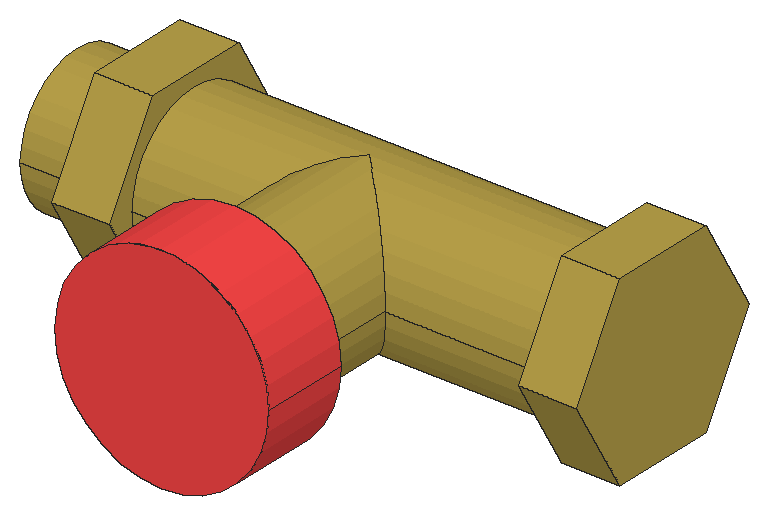
Revit family "Проходной запорно-регулирующий вентиль", category Арматура трубопроводов, Revit 2020
Family settings
  Размер круглого соединителя = Использовать диаметр
  Тип детали = Клапан - Вставляется
  Номер OmniClass = 23.65.55.14.21
  Заголовок OmniClass = Non-Return Valves for Liquid Services
  На основе рабочей плоскости = Нет
  Всегда вертикально = Нет
  При загрузке вырезать с полостями = Нет
  Общий = Да
Parameters (values of type "Dn20")
  Отметка по умолчанию = 0 mm
  Материал клапана = Латунь
  K Coefficient = 0
  Толщина крышки = 0.15 * Длина корпуса  # 12.3 mm
  Дуго [instance] = 47.343 mm
  Высота крышки = 36 mm
  Диаметр крышки = 39 mm
  Длина корпуса = 82 mm
  Диаметр корпуса = 0.6 * Диаметр адаптера  # 14.4 mm
  Длина адаптера = 0.1 * Длина корпуса  # 8.2 mm
  Диаметр адаптера = 1.2 * WSR_D1  # 24 mm
  WSR_D1 = 20 mm
  URL = "https://www.weser.ru/about/documentation/"
  Kvs [instance] = 0.0 m³/h
  ADSK_Позиция = ""
  ADSK_Наименование краткое = "Термостатический вентиль"  # constant formula
  ADSK_Наименование = "Проходной запорно-регулирующий вентиль Dn20"
  ADSK_Масса_Текст = ""
  ADSK_Код изделия = "820280"
  ADSK_Завод-изготовитель = "Weser"  # constant formula
  ADSK_Единица измерения = "шт."  # constant formula
  ADSK_Группирование [instance] = ""
Types (2, lengths in mm): name | Диаметр корпуса | Диаметр адаптера | WSR_D1 | ADSK_Наименование | ADSK_Код изделия
  Dn15 | 10.8 | 18 | 15 | "Проходной запорно-регулирующий вентиль Dn15" | "820270"
  Dn20 | 14.4 | 24 | 20 | "Проходной запорно-регулирующий вентиль Dn20" | "820280"
Reference planes
  plane 1 "По центру (Вперед/Назад)": y = 0
  plane 2: z = 0
  plane 3 "По центру (Влево/Вправо)": x = 0
  plane 4: x = -41
  plane 5: x = 41
  plane 6: x = -32.8
  plane 7: z = 23.7
  plane 8: z = 36
  plane 9: z = -10.8
  plane 10: z = -16.8
  plane 11: x = -3.6
  plane 12: x = -10.8
  plane 13: y = 23.671
  plane 14: y = -23.671
  plane 15: x = 32.8
Forms (mm)
  Extrusion 1, solid, material "Латунь" <- "Материал клапана", detail levels fine
    sketch origin (0, 0, 0) x (0, 1, 0) y (0, 0, 1)
      loop
        circle (0, 0) r 11
    from -32.8 to 41
  Extrusion 2, solid, material "Латунь" <- "Материал клапана", detail levels fine
    sketch origin (0, 0, 0) x (1, 0, 0) y (0, 0, 1)
      loop
        circle (0, 0) r 11
    from 0 to 23.671
  Extrusion 3, solid, material "Латунь" <- "Материал клапана", detail levels fine
    sketch origin (-41, 552.765, 1219.2) x (0, 1, 0) y (0, 0, 1)
      loop
        circle (-552.765, -1219.2) r 10
    from 0 to 8.2
  Extrusion 4, solid, material "Латунь" <- "Материал клапана", detail levels fine
    sketch origin (41, 553.047, 1219.2) x (0, 1, 0) y (0, 0, 1)
      loop
        line (-560.287, -1206.171) -> (-567.809, -1219.2) -> (-560.287, -1232.229) -> (-545.243, -1232.229) -> (-537.721, -1219.2) -> (-545.243, -1206.171) -> (-560.287, -1206.171)
    from 0 to -8.2
  Extrusion 5, solid, material "Латунь" <- "Материал клапана", detail levels fine
    sketch origin (-24.6, 553.047, 1219.2) x (0, 1, 0) y (0, 0, 1)
      loop
        line (-560.287, -1206.171) -> (-567.809, -1219.2) -> (-560.287, -1232.229) -> (-545.243, -1232.229) -> (-537.721, -1219.2) -> (-545.243, -1206.171) -> (-560.287, -1206.171)
    from 0 to -8.2
  Extrusion 6, solid, material "Пластик Красный", detail levels fine
    sketch origin (-152.652, -23.671, 1219.2) x (-1, 0, 0) y (0, 0, 1)
      loop
        circle (-152.652, -1219.2) r 15
    from -12.724 to 0
Cuts and joins
  joined: Extrusion 1, Extrusion 2, Extrusion 3, Extrusion 4, Extrusion 5
Dimensions and locks
  equal spacing: plane 4, plane 3 "По центру (Влево/Вправо)", plane 5
  "Длина корпуса": plane 4 to plane 5
  "Длина адаптера": plane 4 to plane 6
  "Толщина крышки": plane 8 to plane 7
  "Высота крышки": plane 8 to plane 2
  locked: plane 2 to plane 9 at 10.8
  locked: plane 9 to plane 10 at 6
  locked: plane 3 "По центру (Влево/Вправо)" to plane 11 at 3.6
  locked: plane 3 "По центру (Влево/Вправо)" to plane 12 at 10.8
  "Длина адаптера": plane 15 to plane 5
  "Дуго": plane 13 to plane 14
  "WSR_D1": diameter of Extrusion 3 sketch curve
  aligned and locked: plane 2 to Extrusion 1 sketch curve
  aligned and locked: plane 1 "По центру (Вперед/Назад)" to Extrusion 1 sketch curve
  aligned and locked: Extrusion 1 to plane 6
  aligned and locked: plane 3 "По центру (Влево/Вправо)" to Extrusion 2 sketch curve
  aligned and locked: cut or joined group of Extrusion 1, Extrusion 2, Extrusion 3, Extrusion 4, Extrusion 5 to plane 14
  aligned and locked: plane 6 to Extrusion 3
  aligned and locked: Extrusion 3 to plane 4
  aligned and locked: Extrusion 2 to plane 1 "По центру (Вперед/Назад)"
  aligned and locked: plane 5 to Extrusion 1
  aligned and locked: Extrusion 4 to plane 15
  aligned and locked: Extrusion 6 to cut or joined group of Extrusion 1, Extrusion 2, Extrusion 3, Extrusion 4, Extrusion 5
  aligned and locked: nested 1 to plane 5
  aligned and locked: plane 1 "По центру (Вперед/Назад)" to nested 1
Automatic sketch dimensions
  Extrusion 2 sketch curve to level = 0 mm
  Extrusion 3 sketch curve to level = 0 mm
  Extrusion 3 sketch curve to plane 1 "По центру (Вперед/Назад)" = 0 mm
  Extrusion 5 sketch curve to level = 0 mm  (x2)
  plane 14 to Extrusion 5 sketch curve = 8.91 mm
  plane 1 "По центру (Вперед/Назад)" to Extrusion 5 sketch curve = 7.24 mm  (x2)
  Extrusion 5 sketch curve to plane 9 = 2.229 mm
  Extrusion 5 sketch curve to plane 1 "По центру (Вперед/Назад)" = 7.804 mm  (x2)
  Extrusion 5 sketch curve to plane 13 = 8.345 mm
  Extrusion 5 sketch curve to plane 7 = 10.671 mm
  Extrusion 6 sketch curve to level = 0 mm
  Extrusion 6 sketch curve to plane 3 "По центру (Влево/Вправо)" = 0 mm
  radius of Extrusion 2 sketch curve = 11 mm
  radius of Extrusion 1 sketch curve = 11 mm
  radius of Extrusion 6 sketch curve = 15 mm
Nested families
  nested 1: "УГО Клапан регулирующий проходной" at (0, 0, 0), D <- "Дуго", L <- "Длина корпуса", type "УГО Клапан регулирующий проходной", detail levels coarse+medium
    with УГО в разрезе no, УГО в плане yes, L1 13.667 mm, L 82 mm, H 47.343 mm, D 47.343 mm, ADSK_Позиция "", ADSK_Обозначение "", ADSK_Наименование "", ADSK_Код изделия ""
Connectors
  piping at (-32.8, 0.282, 0), diameter 20, driven by "WSR_D1"
    settings: on cut or joined group of Extrusion 1, Extrusion 2, Extrusion 3, Extrusion 4, Extrusion 5, index 1, connector inside diameter 609.6 mm, connector length 0 mm, flow factor 0, pipe flow 0.0 m³/h, pressure drop 0.0 Pa, fitting loss kfactor 0, connector angle 0.00°, fixture units 0, engagement length 0 mm, angle of deflection 0.00°, flow configuration 0, flow direction 0, fitting loss method 0, system type 29, joint type 0, gender type 0, connector reference index 2, connector utility 0, adjustable connector no, is connector primary yes, connector description ""
  piping at (41, 0.282, 0), diameter 20, driven by "WSR_D1"
    settings: on cut or joined group of Extrusion 1, Extrusion 2, Extrusion 3, Extrusion 4, Extrusion 5, index 2, connector inside diameter 609.6 mm, connector length 0 mm, flow factor 0, pipe flow 0.0 m³/h, pressure drop 0.0 Pa, fitting loss kfactor 0, connector angle 0.00°, fixture units 0, engagement length 0 mm, angle of deflection 0.00°, flow configuration 0, flow direction 0, fitting loss method 0, system type 29, joint type 0, gender type 0, connector reference index 1, connector utility 0, adjustable connector no, is connector primary no, connector description ""
  piping at (0, -23.671, 0), diameter 30
    settings: on Extrusion 6, index 3, connector inside diameter 609.6 mm, connector length 0 mm, flow factor 0, pipe flow 0.0 m³/h, pressure drop 0.0 Pa, fitting loss kfactor 0, connector angle 0.00°, fixture units 0, engagement length 0 mm, angle of deflection 0.00°, flow configuration 0, flow direction 0, fitting loss method 0, system type 28, joint type 0, gender type 0, connector reference index -1, connector utility 0, adjustable connector no, is connector primary no, connector description ""
Definition of nested family "УГО Клапан регулирующий проходной"
  Parameters (values of type "УГО Клапан запорно-балансировочный ручной")
    УГО в разрезе [instance] = not(УГО в плане)  # no
    УГО в плане [instance] = yes
    Разработчик (телефон) = ""
    Разработчик (email) = ""
    Разработчик (URL) = ""
    Разработчик = ""
    Default Elevation = 0 mm
    Manufacturer = ""
    L1 [instance] = L / 6  # 16.667 mm
    L [instance] = 100 mm
    H [instance] = D  # 50 mm
    D [instance] = 50 mm
    ADSK_Позиция [instance] = ""
    ADSK_Обозначение [instance] = ""
    ADSK_Наименование [instance] = ""
    ADSK_Масса = 0
    ADSK_Количество = 1  # constant formula
    ADSK_Код изделия [instance] = ""
    ADSK_Завод-изготовитель = Manufacturer  # ""
    ADSK_Единица измерения = "шт"  # constant formula
    ADSK_URL документации изделия = ""
  Types (3, lengths in mm): name | L1 | L | H | D
    УГО Клапан регулирующий проходной | 33.333 | 200 | 100 | 100
    УГО Клапан запорный | 33.333 | 200 | 100 | 100
    УГО Клапан запорно-балансировочный ручной | 16.667 | 100 | 50 | 50
  Reference planes
    plane 1 "По центру (Вперед/Назад)": y = 0
    plane 2: z = 0
    plane 3 "По центру (Влево/Вправо)": x = 0
    plane 4: x = -50
    plane 5: x = -8.333
    plane 6: x = 50
    plane 7: x = 8.333
    plane 8: y = 50
    plane 9: y = 25
    plane 10: y = -25
    plane 11: z = 25
    plane 12: z = 50
    plane 13: z = -25
  Lines and regions (mm)
    model lines, visible <- "УГО в плане", detail levels coarse+medium
      curve 1: line (-50, 25, 0) -> (-50, -25, 0)
      curve 2: line (-50, -25, 0) -> (50, 25, 0)
      curve 3: line (50, 25, 0) -> (50, -25, 0)
      curve 4: line (50, -25, 0) -> (-50, 25, 0)
      curve 5: line (-8.333, 25, 0) -> (0, 0, 0)
      curve 6: line (0, 0, 0) -> (8.333, 25, 0)
      curve 7: line (8.333, 25, 0) -> (-8.333, 25, 0)
      curve 8: line (0, 50, 0) -> (0, 25, 0)
    model lines, visible <- "УГО в разрезе", detail levels coarse+medium
      curve 9: line (-50, 0, 25) -> (-50, 0, -25)
      curve 10: line (-50, 0, -25) -> (50, 0, 25)
      curve 11: line (50, 0, 25) -> (50, 0, -25)
      curve 12: line (50, 0, -25) -> (-50, 0, 25)
      curve 13: line (0, 0, 0) -> (-8.333, 0, 25)
      curve 14: line (-8.333, 0, 25) -> (8.333, 0, 25)
      curve 15: line (8.333, 0, 25) -> (0, 0, 0)
      curve 16: line (0, 0, 50) -> (0, 0, 25)
    symbolic lines, detail levels coarse+medium
      curve 17: line (-50, 0, 25) -> (-50, 0, -25)
      curve 18: line (-50, 0, -25) -> (50, 0, 25)
      curve 19: line (50, 0, 25) -> (50, 0, -25)
      curve 20: line (50, 0, -25) -> (-50, 0, 25)
      curve 21: line (0, 0, 0) -> (-8.333, 0, 25)
      curve 22: line (-8.333, 0, 25) -> (8.333, 0, 25)
      curve 23: line (8.333, 0, 25) -> (0, 0, 0)
      curve 24: line (0, 0, 25) -> (0, 0, 50)
      curve 25: line (-50, 25, 0) -> (-50, -25, 0)
      curve 26: line (-50, -25, 0) -> (50, 25, 0)
      curve 27: line (50, 25, 0) -> (50, -25, 0)
      curve 28: line (50, -25, 0) -> (-50, 25, 0)
      curve 29: line (0, 0, 0) -> (-8.333, 25, 0)
      curve 30: line (-8.333, 25, 0) -> (8.333, 25, 0)
      curve 31: line (8.333, 25, 0) -> (0, 0, 0)
      curve 32: line (0, 25, 0) -> (0, 50, 0)
  Dimensions and locks
    equal spacing: plane 4, plane 3 "По центру (Влево/Вправо)", plane 6
    "L": plane 4 to plane 6
    equal spacing: plane 5, plane 3 "По центру (Влево/Вправо)", plane 7
    "L1": plane 5 to plane 7
    equal spacing: plane 9, plane 1 "По центру (Вперед/Назад)", plane 10
    "D": plane 9 to plane 10
    "H": plane 8 to plane 1 "По центру (Вперед/Назад)"
    equal spacing: plane 11, level, plane 13
    "D": plane 11 to plane 13
    "H": plane 12 to level
    aligned and locked: level to plane 2
  Automatic sketch dimensions
    curve 15 to level = 0 mm
    curve 16 to plane 3 "По центру (Влево/Вправо)" = 0 mm
    curve 23 to level = 0 mm
    plane 7 to curve 14 = 0 mm
    curve 11 to plane 13 = 0 mm
    curve 16 to plane 12 = 0 mm
    curve 18 to plane 11 = 0 mm
    plane 6 to curve 20 = 0 mm
    curve 20 to plane 11 = 0 mm
    curve 21 to plane 5 = 0 mm
    curve 21 to level = 0 mm
    curve 21 to plane 11 = 0 mm
    curve 23 to plane 3 "По центру (Влево/Вправо)" = 0 mm
    curve 24 to plane 3 "По центру (Влево/Вправо)" = 0 mm
    curve 24 to plane 12 = 0 mm
    curve 9 to plane 4 = 0 mm
    curve 6 to plane 3 "По центру (Влево/Вправо)" = 0 mm
    curve 8 to plane 3 "По центру (Влево/Вправо)" = 0 mm
    curve 6 to plane 9 = 0 mm
    curve 26 to plane 9 = 0 mm
    curve 8 to plane 8 = 0 mm
    plane 10 to curve 25 = 0 mm
    curve 26 to plane 4 = 0 mm
    curve 26 to plane 6 = 0 mm
    plane 10 to curve 28 = 0 mm
    curve 28 to plane 9 = 0 mm
    curve 29 to plane 5 = 0 mm
    curve 29 to plane 3 "По центру (Влево/Вправо)" = 0 mm
    curve 31 to plane 7 = 0 mm
    curve 32 to plane 3 "По центру (Влево/Вправо)" = 0 mm
    curve 32 to plane 8 = 0 mm
